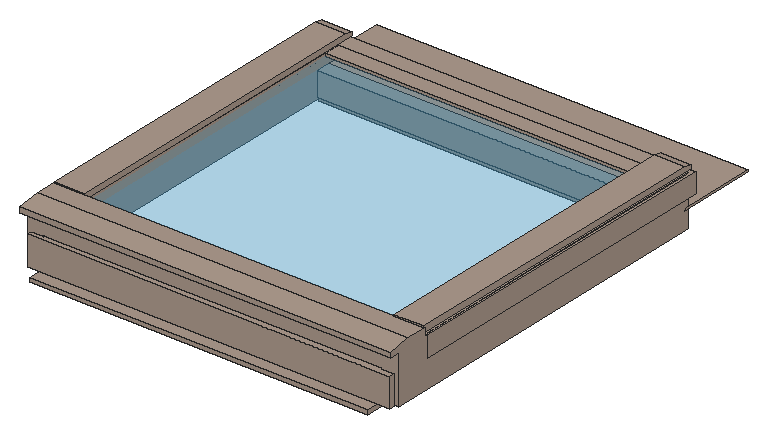
Revit family "GIL_v_1.01", category Окна, Revit 2017
Family settings
  Основа = Крыша
  Всегда вертикально = Нет
  При загрузке вырезать с полостями = Нет
  Общий = Нет
  Точка расчета площади = Нет
Parameters (values of type "PK34")
  g-value = "0.52"
  Youtube clip = ""
  Window Area = 0.86
  Ширина = 940.0 mm
  Weight Net (kg) = ""
  Warranty Years = "5 (10 with BDX)"
  Uniclass 2.0 Description = "Roof Window Units"
  Uniclass 2.0 Code = "PR-59-72"
  Uniclass 1.4 Description = "Rooflights/Roof windows"
  Uniclass 1.4 Code = "JL11"
  URL = "http://file-system.ru/catalog/zdaniya_i_sooruzheniya/eksterer/okna/gil_velux_premium_dopolnitelnyy_nizhniy_element_glukhoy_bez_otkryvaniya_/#close_popup_window"
  UNSPC code = 301516
  UNSPC Category = "Roofing accessories"
  ThermalTransmittance - Glazing = "1.0"
  ThermalTransmittance = "1.3"
  Thermal bridge(glazing) = 0.059
  Thermal bridge = "0.09"
  Thermal Transmittance(frame) = 1.3
  Technical description = ""
  Square Reveal Length = 150.0 mm
  Sound Insulation db = 35
  Roof Slope = 45.00°
  Product identifier = ""
  Product group = "GIL 1.01"
  Product family = "Fixed window"
  Product data url = "http://www.velux.co.uk/private/products/velux_roof_windows/vertical_and_sloping_combination_elements"
  Product certification = ""
  Product SKU = "gil101"
  Placement Height = 0.0 mm
  Perimeter Window = 3.72
  Perimeter Glazing = 2.97
  Operation Mode = "Fixed"
  Name of the object = "New Generation - GIL"
  NBS Reference Description = "Roof Window Units"
  NBS Reference = "59-72"
  Группа модели = "New Generation - GIU"
  Material secondary = Glass 73Q + ISD 0000
  Material main = Wood
  Manufacturer country = "Denmark"
  Manufacturer URL = "www.velux.com"
  Изготовитель = "VELUX A/S"  # constant formula
  Light transmittance = "0.75"
  Installation instructions = "http://www.velux.co.uk/en-GB/PublishingImages/PDFs/GILGIU%20450601-2011-12%5B1%5D.pdf"
  IFC Classification = "Window"
  Height = 920.0 mm
  GlazingAreaFraction = "0.56"
  Function = "Fixed roof window"
  Frame Area = 0.3
  Emergency Exit = 1 > 2  # no
  Edition number = "1"
  EAN code = ""
  Design country = "Denmark"
  Date of publishing = "6/27/2013"
  Copyright = "VELUX A/S"  # constant formula
  COBIe Type Category = ""
  Код по классификатору = "B3020110"
  Apron Visible [instance] = yes
  Angled opening bottom [instance] = 135.00°
  Allowed Roof Slope = "15°-90°"
Reference planes
  plane 1 "Center (Front/Back)": y = 0
  plane 2 "Roof": z = 3997.4
  plane 3 "Center (Left/Right)": x = 0
  plane 4: y = -463.23
  plane 5: y = 463.23
  plane 6: z = 4047.4
  plane 7: z = 4197.4
  plane 8: x = 428
  plane 9: x = -428
  plane 10: x = -470
  plane 11: x = 470
  plane 12: z = 4247.4
  plane 13: x = -378
  plane 14: x = 378
  plane 15: x = -368
  plane 16: x = 368
  plane 17: x = 439
  plane 18: x = -439
  plane 19: x = 417
  plane 20: x = -417
  plane 21: x = 459
  plane 22: x = -459
  plane 23: y = -403.23
  plane 24: y = -339.73
  plane 25: y = -349.73
  plane 26: y = -380.83
  plane 27: y = 483.23
  plane 28: y = 431.73
  plane 29: x = -394.5
  plane 30: x = 394.5
  plane 31: z = 4147.4
  plane 32: z = 4147.4
  plane 33: z = 4272.4
  plane 34: x = -490
  plane 35: x = 490
  plane 36 "Roof Face": z = 4197.4
  plane 37: y = -473.73
  plane 38: y = -339.73
  plane 39: y = -384.93
  plane 40: y = -466.13
  plane 41: y = 493.97
  plane 42: y = -437.03
  plane 43: y = 482.97
  plane 44: x = 442.697
  plane 45: x = -442.697
Forms (mm)
  Extrusion 1, void
    sketch origin (0, 0, 0) x (0, 1, 0) y (0, 0, 1)
      loop
        line (-466.13, 4197.4) -> (-466.13, 3997.4) -> (513.23, 3997.4) -> (463.23, 4047.4) -> (463.23, 4197.4) -> (-466.13, 4197.4)
    from -442.697 to 442.697
  Extrusion 2, solid, material "Glass 73Q + ISD 0000" <- "Material secondary"
    sketch origin (-69.616, -2024.556, 4147.4) x (-1, 0, 0) y (0, 1, 0)
      loop
        line (324.884, 2456.287) -> (-464.116, 2456.287) -> (-464.116, 1674.826) -> (324.884, 1674.826) -> (324.884, 2456.287)
    from -104 to -100
  Sweep 3, solid, material "Wood" <- "Material main"
    path origin (-69.616, -2024.556, 4147.4) x (-1, 0, 0) y (0, -1, 0)
      loop
        line (358.384, -2518.526) -> (358.384, -1601.287)
    profile origin (-428, 35.35, 4147.4) x (1, 0, 0) y (0, 0, 1)
      loop
        line (-42, 130.2) -> (-42, 3) -> (-5.712, 3) -> (0, 41.2) -> (0, 130.2) -> (-42, 130.2)
  Sweep 4, solid, material "Wood" <- "Material main"
    path origin (-69.616, -2024.556, 4147.4) x (-1, 0, 0) y (0, -1, 0)
      loop
        line (-497.616, -2518.526) -> (-497.616, -1601.287)
    profile origin (428, 35.35, 4147.4) x (1, 0, 0) y (0, 0, 1)
      loop
        line (0.004, 130.2) -> (0.004, 41.2) -> (5.712, 3) -> (42, 3) -> (42, 130.2) -> (0.004, 130.2)
  Sweep 5, solid, material "Wood" <- "Material main"
    path origin (-69.616, -2024.556, 4147.4) x (-1, 0, 0) y (0, -1, 0)
      loop
        line (400.384, -1561.326) -> (-539.616, -1561.326)
    profile origin (0, -463.23, 4147.4) x (0, 1, 0) y (0, 0, 1)
      loop
        line (80.161, 125) -> (123.5, 125) -> (123.5, 144.848) -> (70.558, 144.848) -> (15, 136.598) -> (15, 125) -> (39.961, 125) -> (39.961, 76.588) -> (80.161, 76.588) -> (80.161, 125)
  Sweep 6, solid, material "Wood" <- "Material main"
    path origin (-69.616, -2024.556, 4147.4) x (-1, 0, 0) y (0, -1, 0)
      loop
        line (358.384, -2530.293) -> (358.384, -1684.826)
    profile origin (-428, 83.003, 4147.4) x (1, 0, 0) y (0, 0, 1)
      loop
        line (36.187, 148) -> (-39.183, 148) -> (-39.183, 134.036) -> (36.187, 134.036) -> (36.187, 148)
  Sweep 7, solid, material "Wood" <- "Material main"
    path origin (-69.616, -2024.556, 4147.4) x (-1, 0, 0) y (0, -1, 0)
      loop
        line (389.384, -1561.326) -> (-528.616, -1561.326)
    profile origin (0, -463.23, 4147.4) x (0, 1, 0) y (0, 0, 1)
      loop
        line (80.161, 32.588) -> (80.161, 74.088) -> (26.161, 74.088) -> (26.161, 0) -> (47.573, 0) -> (80.161, 32.588)
  Sweep 8, solid, material "Wood" <- "Material main"
    path origin (-69.616, -2024.556, 4147.4) x (-1, 0, 0) y (0, -1, 0)
      loop
        line (358.384, -2487.787) -> (-497.616, -2487.787)
    profile origin (0, 463.23, 4147.4) x (0, 1, 0) y (0, 0, 1)
      loop
        line (-16.841, 58.3) -> (-16.841, 0) -> (19.739, 0) -> (19.739, 104.22) -> (7.118, 101.699) -> (-4.511, 58.3) -> (-16.841, 58.3)
  Sweep 9, solid, material "Wood" <- "Material main"
    path origin (-69.616, -2024.556, 4147.4) x (-1, 0, 0) y (0, -1, 0)
      loop
        line (331.884, -2487.787) -> (-471.116, -2487.787)
    profile origin (0, 463.23, 4147.4) x (0, 1, 0) y (0, 0, 1)
      loop
        line (-24.637, 41.488) -> (-17.041, 69.9) -> (-7.348, 69.9) -> (1.763, 103.9) -> (-64.261, 103.9) -> (-64.261, 41.488) -> (-24.637, 41.488)
  Sweep 10, solid, material "Wood" <- "Material main"
    path origin (-69.616, -2024.556, 4147.4) x (-1, 0, 0) y (0, -1, 0)
      loop
        line (369.384, -2487.787) -> (369.384, -1639.626) -> (-508.616, -1639.626) -> (-508.616, -2487.787)
    profile origin (-439, 39.15, 4147.4) x (1, 0, 0) y (0, 0, 1)
      loop
        line (45.1, 37.2) -> (45.1, 129.9) -> (14.1, 129.9) -> (14.1, 37.2) -> (45.1, 37.2)
  Sweep 11, solid, material "Wood" <- "Material main"
    path origin (-69.616, -2024.556, 4147.4) x (-1, 0, 0) y (0, -1, 0)
      loop
        line (358.384, -1561.326) -> (-497.616, -1561.326)
    profile origin (0, -463.23, 4147.4) x (0, 1, 0) y (0, 0, 1)
      loop
        line (44.473, 0) -> (-5.527, 0) -> (-5.527, -10) -> (44.473, -10) -> (44.473, 0)
  Sweep 12, solid, material "Wood" <- "Material main"
    path origin (-69.616, -2024.556, 4147.4) x (-1, 0, 0) y (0, -1, 0)
      loop
        line (-497.616, -2530.293) -> (-497.616, -1684.826)
    profile origin (428, 83.003, 4147.4) x (1, 0, 0) y (0, 0, 1)
      loop
        line (-36.187, 148) -> (-36.187, 134.036) -> (39.183, 134.036) -> (39.183, 148) -> (-36.187, 148)
  Sweep 13, solid, material "Wood" <- "Material main"
    path origin (-69.616, -2024.556, 4147.4) x (-1, 0, 0) y (0, -1, 0)
      loop
        line (389.384, -2487.787) -> (-528.616, -2487.787)
    profile origin (0, 463.23, 4147.4) x (0, 1, 0) y (0, 0, 1)
      loop
        line (-40.419, 125) -> (-5.419, 125) -> (-5.419, 120) -> (44.939, 120) -> (44.939, 80) -> (51.364, 80) -> (51.364, 125) -> (1.006, 125) -> (1.006, 131) -> (-40.419, 131) -> (-40.419, 125)
  Extrusion 14, solid, material "Glass 73Q + ISD 0000" <- "Material secondary"
    sketch origin (-69.616, -2024.556, 4147.4) x (-1, 0, 0) y (0, 1, 0)
      loop
        line (324.884, 2456.287) -> (-464.116, 2456.287) -> (-464.116, 1674.826) -> (324.884, 1674.826) -> (324.884, 2456.287)
    from -121 to -125
  Sweep 15, solid, material "Wood" <- "Material main"
    path origin (-69.616, -2024.556, 4147.4) x (-1, 0, 0) y (0, -1, 0)
      loop
        line (358.384, -2531.287) -> (358.384, -1684.826)
    profile origin (-428, 83.5, 4147.4) x (1, 0, 0) y (0, 0, 1)
      loop
        line (-23.952, 131.35) -> (-50.102, 131.35) -> (-50.102, 80.7) -> (-49.102, 80.7) -> (-49.102, 130.35) -> (-22.952, 130.35) -> (-22.952, 140.85) -> (-23.952, 140.85) -> (-23.952, 131.35)
  Sweep 16, solid, material "Wood" <- "Material main"
    path origin (69.616, -2024.556, 4147.4) x (-1, 0, 0) y (0, -1, 0)
      loop
        line (-358.384, -2531.287) -> (-358.384, -1684.826)
    profile origin (428, 83.5, 4147.4) x (1, 0, 0) y (0, 0, 1)
      loop
        line (23.952, 131.35) -> (23.952, 140.85) -> (22.952, 140.85) -> (22.952, 130.35) -> (49.102, 130.35) -> (49.102, 80.7) -> (50.102, 80.7) -> (50.102, 131.35) -> (23.952, 131.35)
  Extrusion 17, solid, material "Wood" <- "Material main", visible <- "Apron Visible"
    sketch origin (0, 0, 4197.4) x (0, 1, 0) y (-1, 0, 0)
      loop
        line (682.97, 470) -> (482.97, 470) -> (482.97, -470) -> (682.97, -470) -> (682.97, 470)
    from 0 to 5
  Sweep 18, solid, material "white paint color NCS 0500-N"
    path origin (-629, -372.461, 4184.6) x (1, 0, 0) y (0, 0, 1)
      loop
        line (200, 0) -> (1058, 0)
    profile origin (0, -372.461, 4184.6) x (0, 0, 1) y (0, -1, 0)
      loop
        line (92.7, -1.63) -> (92.7, 8.37) -> (0, 8.37) -> (0, -1.63) -> (92.7, -1.63)
  Sweep 19, void
    path origin (-428, 505.736, 4147.4) x (-1, 0, 0) y (0, 0, 1)
      loop
        line (39.183, 148) -> (-36.187, 148)
    profile origin (-429.498, 505.736, 4295.4) x (0, 0, -1) y (0, 1, 0)
      loop
        line (0, 0) -> (0, -20) -> (4, 0) -> (0, 0)
  Sweep 20, void
    path origin (428, 505.736, 4147.4) x (-1, 0, 0) y (0, 0, 1)
      loop
        line (36.187, 148) -> (-39.183, 148)
    profile origin (429.498, 505.736, 4295.4) x (0, 0, -1) y (0, 1, 0)
      loop
        line (0, 0) -> (0, -20) -> (4, 0) -> (0, 0)
Cuts and joins
  Sweep 19, Sweep 20 cuts Sweep 3
  Sweep 19, Sweep 20 cuts Sweep 4
  Sweep 19, Sweep 20 cuts Sweep 5
  Sweep 19, Sweep 20 cuts Sweep 7
  Sweep 19, Sweep 20 cuts Sweep 8
  joined: Sweep 3, Sweep 4, Sweep 5, Sweep 7, Sweep 8
  Sweep 19 cuts Sweep 6
  Sweep 20 cuts Sweep 12
Lines and regions (mm)
  reference lines
    curve 1: line (0, 463.23, 4047.4) -> (0, 657.685, 3852.946)
Dimensions and locks
  equal spacing: host sketch curve, plane 3 "Center (Left/Right)", host sketch curve
  equal spacing: host sketch curve, plane 1 "Center (Front/Back)", host sketch curve
  "Square Reveal Length": plane 6 to plane 7
  equal spacing: plane 9, plane 3 "Center (Left/Right)", plane 8
  "Ширина": plane 10 to plane 11
  equal spacing: plane 5, plane 1 "Center (Front/Back)", plane 4
  locked: plane 10 to plane 9 at 42
  locked: plane 8 to plane 11 at 42
  locked: plane 14 to plane 8 at 50
  locked: plane 9 to plane 13 at 50
  locked: plane 13 to plane 15 at 10
  locked: plane 16 to plane 14 at 10
  locked: plane 8 to plane 17 at 11
  locked: plane 18 to plane 9 at 11
  locked: plane 19 to plane 8 at 11
  locked: plane 9 to plane 20 at 11
  locked: plane 21 to plane 11 at 11
  locked: plane 10 to plane 22 at 11
  locked: plane 12 to plane 32 at 100
  plane 24 to plane 23 to plane 4 = 63.5 mm locked, 60.0 mm locked
  locked: plane 25 to plane 24 at 10
  locked: plane 23 to plane 26 at 22.4
  locked: host roof to plane 7 at 0
  locked: plane 5 to plane 28 at 31.5
  locked: plane 27 to plane 5 at 20
  locked: plane 30 to plane 14 at 16.5
  locked: plane 13 to plane 29 at 16.5
  locked: plane 31 to plane 7 at 50
  "Placement Height": plane 31 to plane 32
  locked: plane 33 to plane 12 at 25
  locked: plane 35 to plane 11 at 20
  locked: plane 10 to plane 34 at 20
  locked: host roof to plane 36 "Roof Face" at 0
  locked: plane 38 to Sweep 11 at 129.027
  locked: plane 4 to plane 37 at 10.5
  locked: plane 38 to plane 37 at 134
  locked: plane 39 to plane 23 at 18.3
  locked: plane 4 to plane 40 at 2.9
  plane 9 to plane 34 = 62.0 mm
  plane 35 to plane 8 = 62.0 mm
  locked: plane 42 to plane 4 at 26.2
  locked: plane 41 to plane 5 at 30.739
  "Height": plane 43 to plane 42
  locked: plane 43 to Extrusion 17 sketch curve at 200
  locked: plane 41 to plane 43 at 11
  locked: plane 45 to plane 18 at 3.697
  locked: plane 44 to plane 17 at 3.697
  "Angled opening bottom": angle curve 1 to plane 6
  aligned and locked: level to plane 2 "Roof"
  aligned: plane 8 to Extrusion 1
  aligned: Extrusion 1 to plane 9
  aligned and locked: plane 12 to Extrusion 2
  aligned and locked: plane 9 to Sweep 3 sketch curve
  aligned and locked: Extrusion 2 sketch curve to plane 25
  aligned and locked: Extrusion 2 sketch curve to plane 28
  aligned and locked: Sweep 4 sketch curve to plane 8
  aligned and locked: Sweep 5 sketch curve to plane 4
  aligned and locked: plane 11 to Sweep 5 sketch curve
  aligned and locked: plane 10 to Sweep 5 sketch curve
  aligned and locked: plane 9 to Sweep 6 sketch curve
  aligned and locked: plane 24 to Sweep 6 sketch curve
  aligned and locked: Sweep 7 sketch curve to plane 4
  aligned and locked: plane 21 to Sweep 7 sketch curve
  aligned and locked: plane 22 to Sweep 7 sketch curve
  aligned and locked: Sweep 8 sketch curve to plane 5
  aligned and locked: Sweep 9 sketch curve to plane 5
  aligned and locked: plane 18 to Sweep 10 sketch curve
  aligned and locked: plane 17 to Sweep 10 sketch curve
  aligned and locked: plane 5 to Sweep 10 sketch curve  (x2)
  aligned and locked: host roof to Extrusion 1 sketch curve
  aligned and locked: Extrusion 1 sketch curve to plane 5
  aligned and locked: plane 5 to Extrusion 1 sketch curve
  aligned and locked: Extrusion 1 sketch curve to host roof
  aligned and locked: Sweep 11 sketch curve to plane 4
  aligned and locked: plane 24 to Sweep 12 sketch curve
  aligned and locked: Sweep 12 sketch curve to plane 8
  aligned and locked: plane 5 to Sweep 13 sketch curve
  aligned and locked: plane 21 to Sweep 13 sketch curve
  aligned and locked: plane 22 to Sweep 13 sketch curve
  aligned and locked: plane 9 to Sweep 11 sketch curve
  aligned and locked: plane 8 to Sweep 11 sketch curve
  aligned and locked: Extrusion 14 sketch curve to plane 28
  aligned and locked: Extrusion 14 sketch curve to plane 25
  aligned and locked: plane 29 to Extrusion 2 sketch curve
  aligned and locked: Extrusion 2 sketch curve to plane 30
  aligned and locked: plane 29 to Extrusion 14 sketch curve
  aligned and locked: Extrusion 14 sketch curve to plane 30
  aligned and locked: profile plane to Sweep 8 sketch curve
  aligned and locked: Sweep 15 sketch curve to plane 9
  aligned and locked: plane 24 to Sweep 15 sketch curve
  aligned and locked: Sweep 16 sketch curve to plane 8
  aligned and locked: plane 24 to Sweep 16 sketch curve
  aligned and locked: plane 24 to Sweep 5 sketch curve
  aligned and locked: plane 39 to Sweep 10 sketch curve
  aligned and locked: Sweep 18 sketch curve to plane 26
  aligned and locked: Sweep 19 sketch curve to Sweep 6  (x2)
  aligned and locked: Sweep 6 to Sweep 19 sketch curve
  aligned and locked: Sweep 20 sketch curve to Sweep 12  (x2)
  aligned and locked: Sweep 12 to Sweep 20 sketch curve
  aligned and locked: plane 40 to Extrusion 1 sketch curve
  aligned and locked: Extrusion 1 sketch curve to curve 1
  aligned and locked: Extrusion 17 sketch curve to plane 10
  aligned and locked: Extrusion 17 sketch curve to plane 11
  aligned and locked: plane 43 to Sweep 8 sketch curve
  aligned and locked: Extrusion 17 sketch curve to plane 43
  aligned and locked: plane 45 to Extrusion 1
  aligned and locked: plane 44 to Extrusion 1
  aligned and locked: Sweep 18 sketch curve to Sweep 10  (x2)
Automatic sketch dimensions
  plane 23 to Sweep 3 sketch curve = 20.039 mm
  profile plane to Sweep 3 sketch curve = 42.0 mm
  plane 23 to Sweep 4 sketch curve = 20.039 mm
  Sweep 4 sketch curve to profile plane = 42.0 mm
  Sweep 5 sketch curve to profile plane = 15.0 mm
  Sweep 5 sketch curve to Sweep 5 sketch curve = 24.961 mm
  Sweep 5 sketch curve to Sweep 5 sketch curve = 30.597 mm
  Sweep 5 sketch curve to Sweep 5 sketch curve = 40.2 mm
  profile plane to Sweep 5 sketch curve = 76.588 mm
  Sweep 5 sketch curve to Sweep 5 sketch curve = 48.412 mm  (x2)
  Sweep 5 sketch curve to Sweep 5 sketch curve = 11.598 mm
  Sweep 5 sketch curve to Sweep 5 sketch curve = 19.848 mm
  Sweep 6 sketch curve to plane 27 = 22.506 mm
  profile plane to Sweep 6 sketch curve = 39.183 mm
  Sweep 6 sketch curve to profile plane = 36.187 mm
  profile plane to Sweep 6 sketch curve = 134.036 mm
  Sweep 6 sketch curve to Sweep 6 sketch curve = 13.964 mm
  Sweep 7 sketch curve to profile plane = 0.0 mm
  Sweep 7 sketch curve to profile plane = 26.161 mm
  Sweep 7 sketch curve to Sweep 7 sketch curve = 21.412 mm
  profile plane to Sweep 7 sketch curve = 32.588 mm
  Sweep 7 sketch curve to Sweep 7 sketch curve = 32.588 mm
  Sweep 7 sketch curve to Sweep 7 sketch curve = 41.5 mm
  Sweep 8 sketch curve to plane 8 = 0.0 mm
  Sweep 8 sketch curve to plane 9 = 0.0 mm
  profile plane to Sweep 9 sketch curve = 64.261 mm
  profile plane to Sweep 9 sketch curve = 24.637 mm
  profile plane to Sweep 9 sketch curve = 17.041 mm
  profile plane to Sweep 9 sketch curve = 7.348 mm
  Sweep 9 sketch curve to profile plane = 1.763 mm
  profile plane to Sweep 9 sketch curve = 41.488 mm
  Sweep 9 sketch curve to Sweep 9 sketch curve = 28.412 mm
  Sweep 9 sketch curve to Sweep 9 sketch curve = 34.0 mm
  Sweep 11 sketch curve to profile plane = 0.0 mm
  profile plane to Sweep 11 sketch curve = 5.527 mm
  Sweep 11 sketch curve to profile plane = 10.0 mm
  Sweep 11 sketch curve to profile plane = 44.473 mm
  Sweep 12 sketch curve to plane 27 = 22.506 mm
  profile plane to Sweep 12 sketch curve = 36.187 mm
  Sweep 12 sketch curve to profile plane = 39.183 mm
  profile plane to Sweep 12 sketch curve = 134.036 mm
  Sweep 12 sketch curve to Sweep 12 sketch curve = 13.964 mm
  profile plane to Sweep 15 sketch curve = 50.102 mm
  Sweep 15 sketch curve to Sweep 15 sketch curve = 1.0 mm  (x3)
  profile plane to Sweep 15 sketch curve = 23.952 mm
  Sweep 15 sketch curve to plane 32 = 80.7 mm
  Sweep 15 sketch curve to Sweep 15 sketch curve = 49.65 mm
  Sweep 15 sketch curve to Sweep 15 sketch curve = 9.5 mm
  Sweep 16 sketch curve to profile plane = 22.952 mm
  Sweep 16 sketch curve to Sweep 16 sketch curve = 1.0 mm  (x3)
  Sweep 16 sketch curve to profile plane = 49.102 mm
  Sweep 16 sketch curve to plane 32 = 80.7 mm
  Sweep 16 sketch curve to Sweep 16 sketch curve = 49.65 mm
  Sweep 16 sketch curve to Sweep 16 sketch curve = 9.5 mm
  Sweep 3 sketch curve to plane 27 = 10.739 mm
  Sweep 4 sketch curve to plane 27 = 10.739 mm
  Sweep 18 sketch curve to profile plane = 92.7 mm
  Sweep 19 sketch curve to profile plane = 0.0 mm  (x2)
  Sweep 19 sketch curve to profile plane = 4.0 mm
  Sweep 19 sketch curve to Sweep 19 sketch curve = 20.0 mm
  Sweep 20 sketch curve to profile plane = 0.0 mm  (x2)
  Sweep 20 sketch curve to profile plane = 4.0 mm
  Sweep 20 sketch curve to Sweep 20 sketch curve = 20.0 mm
  plane 41 to Sweep 15 sketch curve = 12.761 mm
  plane 41 to Sweep 16 sketch curve = 12.761 mm
  Sweep 3 sketch curve to profile plane = 0.0 mm  (x2)
  profile plane to Sweep 3 sketch curve = 5.712 mm
  profile plane to Sweep 3 sketch curve = 3.0 mm  (x2)
  Sweep 3 sketch curve to Sweep 3 sketch curve = 38.2 mm
  Sweep 3 sketch curve to Sweep 3 sketch curve = 89.0 mm
  Sweep 4 sketch curve to Sweep 4 sketch curve = 127.2 mm
  Sweep 4 sketch curve to profile plane = 0.004 mm  (x2)
  Sweep 4 sketch curve to profile plane = 5.712 mm
  profile plane to Sweep 4 sketch curve = 3.0 mm  (x2)
  Sweep 4 sketch curve to Sweep 4 sketch curve = 38.2 mm
  Sweep 10 sketch curve to profile plane = 14.1 mm
  profile plane to Sweep 10 sketch curve = 37.2 mm
  plane 30 to Sweep 9 sketch curve = 7.0 mm
  plane 29 to Sweep 9 sketch curve = 7.0 mm
  Sweep 18 sketch curve to plane 9 = 1.0 mm
  plane 8 to Sweep 18 sketch curve = 1.0 mm
  profile plane to Sweep 18 sketch curve = 0.0 mm
  Sweep 10 sketch curve to Sweep 10 sketch curve = 31.0 mm
  Sweep 8 sketch curve to profile plane = 7.118 mm
  profile plane to Sweep 8 sketch curve = 4.511 mm
  Sweep 8 sketch curve to Sweep 8 sketch curve = 12.33 mm
  profile plane to Sweep 8 sketch curve = 58.3 mm
  Sweep 8 sketch curve to Sweep 8 sketch curve = 43.399 mm
  Sweep 8 sketch curve to Sweep 8 sketch curve = 0.0 mm
  Sweep 8 sketch curve to Sweep 8 sketch curve = 2.521 mm
  profile plane to Sweep 13 sketch curve = 40.419 mm
  profile plane to Sweep 13 sketch curve = 5.419 mm
  Sweep 13 sketch curve to profile plane = 1.006 mm
  Sweep 13 sketch curve to profile plane = 44.939 mm
  Sweep 13 sketch curve to Sweep 13 sketch curve = 6.425 mm
  profile plane to Sweep 13 sketch curve = 80.0 mm
  Sweep 13 sketch curve to Sweep 13 sketch curve = 40.0 mm
  Sweep 13 sketch curve to Sweep 13 sketch curve = 5.0 mm  (x2)
  Sweep 13 sketch curve to Sweep 13 sketch curve = 6.0 mm
  Sweep 10 sketch curve to Sweep 10 sketch curve = 92.7 mm
  curve 1 to plane 5 = 0.0 mm
  plane 6 to curve 1 = 0.0 mm
